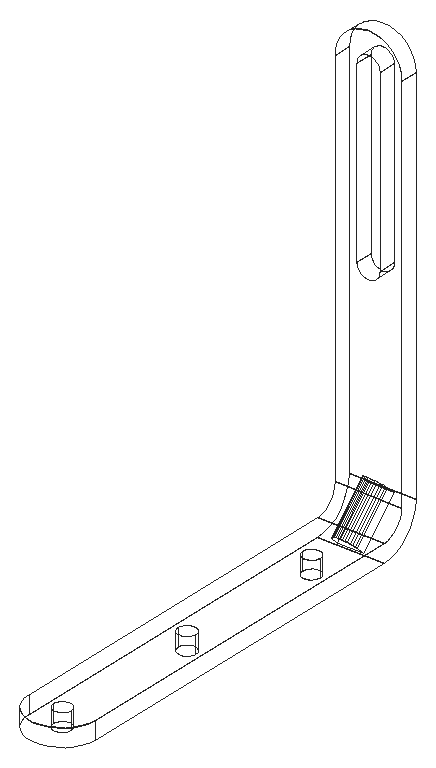
Revit family "1 SOUND_L Bracket", category Communication Devices, host Face, Revit 2020
Family settings
  Host = Face
  Maintain Annotation Orientation = No
  Round Connector Dimension = Use Diameter
  Part Type = Normal
  Cut with Voids When Loaded = No
  Shared = No
  Room Calculation Point = No
Parameters (values of type "L Bracket")
  Weight = ".42 kg"
  URL = "https://www.1-sound.com/lbracket"
  Model = "L Bracket"
  Material = "Zinc Plated"
  Manufacturer = "1 SOUND"  # constant formula
  Finish = "Powder Coated"
  Dimensions (HxWxD) = "30.00mm x 205.00mm x 195.00mm"
  Default Elevation = 2438.40 mm
  Construction = "Stainless Steel"
  Category = "Accessory"  # constant formula
  Accessory Finish [instance] = 1 Sound - Powder Coat_Black
Reference planes
  plane 1 "Center (Front/Back)": y = 0
  plane 2: z = 0
  plane 3 "Center (Left/Right)": x = 0
Forms (mm)
  Extrusion 1, solid, material "1 Sound - Powder Coat_Black" <- "Accessory Finish"
    sketch origin (0, 0, 0) x (1, 0, 0) y (0, 1, 0)
      loop
        line (-15, 92) -> (-15, -70)
        arc (-15, -70) -> (0, -85) -> (15, -70) r 15
        line (15, -70) -> (15, 92) -> (-15, 92)
      loop
        circle (0, 70) r 4
      loop
        circle (0, 0) r 4
      loop
        circle (0, -70) r 4
    from 0 to 8
  Extrusion 2, solid, material "1 Sound - Powder Coat_Black" <- "Accessory Finish"
    sketch origin (0, 0, 0) x (1, 0, 0) y (0, 0, 1)
      loop
        line (15, 18) -> (15, 190)
        arc (15, 190) -> (0, 205) -> (-15, 190) r 15
        line (-15, 190) -> (-15, 18) -> (15, 18)
      loop
        line (-5.25, 190) -> (-5.25, 110)
        arc (-5.25, 110) -> (0, 104.75) -> (5.25, 110) r 5.25
        line (5.25, 110) -> (5.25, 190)
        arc (5.25, 190) -> (0, 195.25) -> (-5.25, 190) r 5.25
    from -110 to -102
  Extrusion 3, solid, material "1 Sound - Powder Coat_Black" <- "Accessory Finish"
    sketch origin (0, 0, 0) x (0, 1, 0) y (0, 0, 1)
      loop
        line (92, 8) -> (92, 0)
        arc (92, 0) -> (104.728, 5.272) -> (110, 18) r 18
        line (110, 18) -> (102, 18)
        arc (102, 18) -> (99.071, 10.929) -> (92, 8) r 10
    from -15 to 15
  Sweep 4, solid, material "1 Sound - Powder Coat_Black" <- "Accessory Finish"
    path origin (1.597, 0, 23.515) x (0, -1, 0) y (0, 0, -1)
      loop
        line (-84.828, 15.515) -> (-102, -1.657)
    profile origin (1.597, 93.414, 16.586) x (0, -0.707107, 0.707107) y (1, 0, 0)
      loop
        line (-5.495, -7.217) -> (-4.328, -6.835) -> (-3.257, -6.333) -> (-2.304, -5.723) -> (-1.494, -5.017) -> (-0.843, -4.233) -> (-0.367, -3.389) -> (-0.077, -2.503) -> (0.02, -1.597) -> (-0.077, -0.691) -> (-0.367, 0.195) -> (-0.843, 1.039) -> (-1.494, 1.823) -> (-2.304, 2.529) -> (-3.257, 3.139) -> (-4.328, 3.642) -> (-5.495, 4.023)
        arc (-5.495, 4.023) -> (-7.663, 4.317) -> (-9.849, 4.403) r 22.949
        line (-9.849, 4.403) -> (-9.849, -7.597)
        arc (-9.849, -7.597) -> (-7.663, -7.511) -> (-5.495, -7.217) r 22.949
Cuts and joins
  joined: Extrusion 1, Extrusion 2, Extrusion 3
Dimensions and locks
  aligned and locked: plane 2 to host face
  aligned and locked: level to host face
